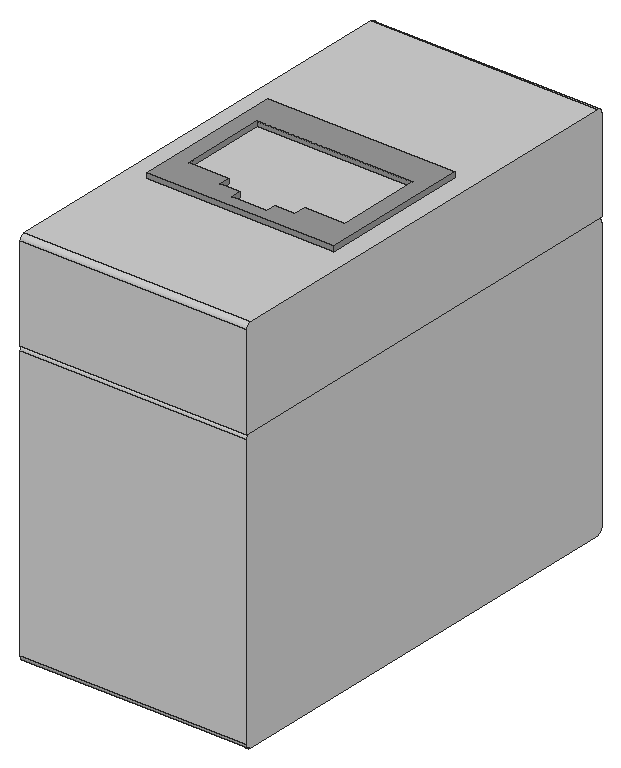
Revit family "Domotics-DomesticRanges-GEWISS-CHORUS_DATA-SOCKET-OUTLET_RJ45", category Apparecchi elettrici, host Superficie, Revit 2016
Family settings
  Host = Superficie
  Mantenere orientamento annotazione = Sì
  Tipo di parte = Normale
  Quota connettore circolare = Usa diametro
  Numero OmniClass = 23.80.50.14
  Titolo OmniClass = Plug Connectors
  Taglio con vuoti quando caricato = Sì
  Condiviso = Sì
  Punto di calcolo locali = Sì
Parameters (values of type "GW14424 - CONNECTOR RJ45 1M CAT.6 FTP CHORUS T")
  Vista di pianta [instance] = yes
  Version file RFA = "19.0"
  Use category = ""
  URL = "https://www.gewiss.com/ww/en"
  Tipo = SYSTEM PRESE RJ45_BASE : RJ45 Titanio
  Technical sheet = "https://www.gewiss.com/ww/en/search?q=GW14424"
  Standard; = ""
  Simbolo = SIMBOLO PRESE TELEFONO : PRESA TEL
  SIMBOLO [instance] = yes
  SEO = ""
  Realized by GEWISS S.p.A. = ""
  Produttore = "GEWISS S.p.A."
  Number pairs = ""
  No. pairs = ""
  No. SYSTEM modules = ""
  No. Chorus modules: = ""
  Modello = "GW14424"
  Larghezza presa = 23 mm
  IFC.TypeObject = ""
  IFC.ExportType = ""
  IFC.ExportAs = ""
  IDT = "e3484578-d4ee-4f41-a417-bd6924481e09"
  IDF = "1a8bcbcc-4c0f-486d-ade8-be7f6039fe1c"
  GW - Testo elettrico = "RJ45"
  Offset pulsante [instance] = 0 mm
  Offset bidimensionale [instance] = 2 mm
  Electrocod = "0131                "
  EAN code = "8011564267305"
  Distanza_x [instance] = 0 mm
  Distanza effettiva_x [instance] = 1500 mm - Distanza_x  # 1500 mm
  Default Elevation = 1219.2 mm
  Immagine tipo = GW14421.jpg
  Descrizione = "CONNECTOR RJ45 1M CAT.6 FTP CHORUS T"
  Description: = ""
  Description. = ""
  Connection = ""
  Colour = ""
  Category = ""
  Catalogue Range = "CHORUS - DOMESTIC RANGE"
  Catalogue = "DOMOTICS"
  Cables = ""
  COBie.Tagnumber = ""
  COBie.CreatedOn = ""
  COBie.CreatebBy = ""
  COBie.ComponentRegisterItemID = ""
  COBie.Component.TagNumber = ""
  COBie.Component.Space = ""
  COBie.Component.SerialNumber = ""
  COBie.Component.InstallationDate = ""
  COBie.Component.Description = ""
  COBie.Component.BarCode = ""
Types (12, lengths in mm): name | Use category | Tipo | Technical sheet | Standard; | SEO | Number pairs | No. pairs | No. SYSTEM modules | No. Chorus modules: | Modello | IDT | Electrocod | EAN code | Immagine tipo | Descrizione | Description: | Description. | Connection | Colour | Category | Cables
  GW10422 - CONNECTOR RJ45 1M CAT.5E FTP CHORUS W | "5e" | SYSTEM PRESE RJ45_BASE : RJ45 Bianco | "https://www.gewiss.com/ww/en/search?q=GW10422" | "EN 60603-7-3" | "Socket outlet" | "4" | "4" | "1" | "1" | "GW10422" | "cd8f8bc8-4b07-465b-b9a2-674a09890043" | "3722" | "8011564257689" | GW10421.jpg | "CONNECTOR RJ45 1M CAT.5E FTP CHORUS W" | "RJ45" | "Data socket" | "Toolless" | "White" | "Data socket" | "FTP"
  GW10421 - CONNECTOR RJ45 1M CAT.5E UTP CHORUS W | "5e" | SYSTEM PRESE RJ45_BASE : RJ45 Bianco | "https://www.gewiss.com/ww/en/search?q=GW10421" | "EN 60603-7-2" | "Socket outlet" | "4" | "4" | "1" | "1" | "GW10421" | "10c44924-2ecf-4206-a6d6-c379d851391a" | "3722" | "8011564257672" | GW10421.jpg | "CONNECTOR RJ45 1M CAT.5E UTP CHORUS W" | "RJ45" | "Data socket" | "Toolless" | "White" | "Data socket" | "UTP"
  GW10423 - CONNECTOR RJ45 1M CAT.6 UTP CHORUS W | "6" | SYSTEM PRESE RJ45_BASE : RJ45 Bianco | "https://www.gewiss.com/ww/en/search?q=GW10423" | "EN 60603-7-4" | "Socket outlet" | "4" | "4" | "1" | "1" | "GW10423" | "58e86214-f42f-4d76-a022-1e8b5b17ae95" | "3722" | "8011564257696" | GW10421.jpg | "CONNECTOR RJ45 1M CAT.6 UTP CHORUS W" | "RJ45" | "Data socket" | "Toolless" | "White" | "Data socket" | "UTP"
  GW10424 - CONNECTOR RJ45 1M CAT.6 FTP CHORUS W | "6" | SYSTEM PRESE RJ45_BASE : RJ45 Bianco | "https://www.gewiss.com/ww/en/search?q=GW10424" | "EN 60603-7-5" | "Socket outlet" | "4" | "4" | "1" | "1" | "GW10424" | "ae727b2f-f41d-4dab-a40e-a95ea8fd0a00" | "3722" | "8011564257702" | GW10421.jpg | "CONNECTOR RJ45 1M CAT.6 FTP CHORUS W" | "RJ45" | "Data socket" | "Toolless" | "White" | "Data socket" | "FTP"
  GW12421 - CONNECTOR RJ45 1M CAT.5E UTP CHORUS B | "" | SYSTEM PRESE RJ45_BASE : RJ45 Nero | "https://www.gewiss.com/ww/en/search?q=GW12421" | "" | "" | "" | "" | "" | "" | "GW12421" | "bb2319e2-3359-419b-b94b-c42ce3eccf7f" | "0131                " | "8011564269101" | GW12421.jpg | "CONNECTOR RJ45 1M CAT.5E UTP CHORUS B" | "" | "" | "" | "" | "" | ""
  GW12422 - CONNECTOR RJ45 1M CAT.5E FTP CHORUS B | "" | SYSTEM PRESE RJ45_BASE : RJ45 Nero | "https://www.gewiss.com/ww/en/search?q=GW12422" | "" | "" | "" | "" | "" | "" | "GW12422" | "5a0d31ca-2349-47fb-92de-855d68f8d202" | "0130                " | "8011564269118" | GW12421.jpg | "CONNECTOR RJ45 1M CAT.5E FTP CHORUS B" | "" | "" | "" | "" | "" | ""
  GW12423 - CONNECTOR RJ45 1M CAT.6 UTP CHORUS B | "" | SYSTEM PRESE RJ45_BASE : RJ45 Nero | "https://www.gewiss.com/ww/en/search?q=GW12423" | "" | "" | "" | "" | "" | "" | "GW12423" | "d4d68876-396b-4fc5-a632-453d98033b29" | "0130                " | "8011564269125" | GW12421.jpg | "CONNECTOR RJ45 1M CAT.6 UTP CHORUS B" | "" | "" | "" | "" | "" | ""
  GW12424 - CONNECTOR RJ45 1M CAT.6 FTP CHORUS B | "" | SYSTEM PRESE RJ45_BASE : RJ45 Nero | "https://www.gewiss.com/ww/en/search?q=GW12424" | "" | "" | "" | "" | "" | "" | "GW12424" | "390dde02-7138-4f6b-9f66-a69e6f4ff73d" | "0131                " | "8011564269132" | GW12421.jpg | "CONNECTOR RJ45 1M CAT.6 FTP CHORUS B" | "" | "" | "" | "" | "" | ""
  GW14421 - CONNECTOR RJ45 1M CAT.5E UTP CHORUS T | "" | SYSTEM PRESE RJ45_BASE : RJ45 Titanio | "https://www.gewiss.com/ww/en/search?q=GW14421" | "" | "" | "" | "" | "" | "" | "GW14421" | "807ae1cf-83fc-445a-90e6-bc44aac7d063" | "0131                " | "8011564267268" | GW14421.jpg | "CONNECTOR RJ45 1M CAT.5E UTP CHORUS T" | "" | "" | "" | "" | "" | ""
  GW14422 - CONNECTOR RJ45 1M CAT.5E FTP CHORUS T | "" | SYSTEM PRESE RJ45_BASE : RJ45 Titanio | "https://www.gewiss.com/ww/en/search?q=GW14422" | "" | "" | "" | "" | "" | "" | "GW14422" | "a4f71015-1419-40da-9456-c3df1eb87e64" | "0131                " | "8011564267275" | GW14421.jpg | "CONNECTOR RJ45 1M CAT.5E FTP CHORUS T" | "" | "" | "" | "" | "" | ""
  GW14423 - CONNECTOR RJ45 1M CAT.6 UTP CHORUS T | "" | SYSTEM PRESE RJ45_BASE : RJ45 Titanio | "https://www.gewiss.com/ww/en/search?q=GW14423" | "" | "" | "" | "" | "" | "" | "GW14423" | "1846dc56-f8cc-4d93-b430-18af33814d84" | "0131                " | "8011564267299" | GW14421.jpg | "CONNECTOR RJ45 1M CAT.6 UTP CHORUS T" | "" | "" | "" | "" | "" | ""
  GW14424 - CONNECTOR RJ45 1M CAT.6 FTP CHORUS T | "" | SYSTEM PRESE RJ45_BASE : RJ45 Titanio | "https://www.gewiss.com/ww/en/search?q=GW14424" | "" | "" | "" | "" | "" | "" | "GW14424" | "e3484578-d4ee-4f41-a417-bd6924481e09" | "0131                " | "8011564267305" | GW14421.jpg | "CONNECTOR RJ45 1M CAT.6 FTP CHORUS T" | "" | "" | "" | "" | "" | ""
Reference planes
  plane 1 "Centro (Fronte/Retro)": y = 0
  plane 2: z = 0
  plane 3 "Centro (Sinistra/Destra)": x = 0
  plane 4: z = 0
  plane 5 "piano bidimensionale": z = 41
  plane 6: x = 0
  plane 7: x = -11.5
  plane 8: x = 11.5
  plane 9: z = 39
  plane 10: x = -1500
Lines and regions (mm)
  Masking region 1, visible <- "Vista di pianta"
    outline origin (0, 0, -36.25) x (1, 0, 0) y (0, 0, 1)
      loop
        line (-11.5, 36.25) -> (11.5, 36.25) -> (11.5, 75.25) -> (-11.5, 75.25) -> (-11.5, 36.25)
  Masking region 2
    outline origin (0, 0, 0) x (1, 0, 0) y (0, 0, 1)
      loop
        line (-11.5, 39) -> (-11.5, 0) -> (11.5, 0) -> (11.5, 39) -> (-11.5, 39)
  model lines, style "pulsanti", detail levels coarse
    curve 1: line (-11.5, -22.5, 41) -> (-11.5, 22.5, 41)
    curve 2: line (11.5, -22.5, 41) -> (-11.5, -22.5, 41)
    curve 3: line (11.5, 22.5, 41) -> (11.5, -22.5, 41)
    curve 7: line (-9.5, 6.453, 41) -> (-9.5, -8.959, 41)
    curve 8: line (9.5, -8.959, 41) -> (9.5, 6.453, 41)
    curve 9: line (7.931, 3.086, 41) -> (7.931, -5.598, 41)
    curve 10: line (7.931, -5.598, 41) -> (3.825, -5.598, 41)
    curve 11: line (3.825, -5.598, 41) -> (3.825, -6.811, 41)
    curve 12: line (3.825, -6.811, 41) -> (1.773, -6.811, 41)
    curve 13: line (1.773, -6.811, 41) -> (1.773, -7.811, 41)
    curve 14: line (1.773, -7.811, 41) -> (-1.773, -7.811, 41)
    curve 15: line (-1.773, -7.811, 41) -> (-1.773, -6.811, 41)
    curve 16: line (-1.773, -6.811, 41) -> (-3.825, -6.811, 41)
    curve 17: line (-3.825, -6.811, 41) -> (-3.825, -5.598, 41)
    curve 18: line (-3.825, -5.598, 41) -> (-7.931, -5.598, 41)
    curve 19: line (-7.931, -5.598, 41) -> (-7.931, 3.086, 41)
    curve 20: line (-7.931, 3.086, 41) -> (7.931, 3.086, 41)
  model lines, style "pulsanti", not visible, detail levels coarse
    curve 4: line (-11.5, -22.5, 41) -> (-11.5, 22.5, 41)
    curve 5: line (11.5, -22.5, 41) -> (-11.5, -22.5, 41)
    curve 6: line (11.5, 22.5, 41) -> (11.5, -22.5, 41)
    curve 21: line (-9.5, 6.453, 41) -> (-9.5, -8.959, 41)
    curve 22: line (9.5, -8.959, 41) -> (9.5, 6.453, 41)
    curve 23: line (7.931, 3.086, 41) -> (7.931, -5.598, 41)
    curve 24: line (7.931, -5.598, 41) -> (3.825, -5.598, 41)
    curve 25: line (3.825, -5.598, 41) -> (3.825, -6.811, 41)
    curve 26: line (3.825, -6.811, 41) -> (1.773, -6.811, 41)
    curve 27: line (1.773, -6.811, 41) -> (1.773, -7.811, 41)
    curve 28: line (1.773, -7.811, 41) -> (-1.773, -7.811, 41)
    curve 29: line (-1.773, -7.811, 41) -> (-1.773, -6.811, 41)
    curve 30: line (-1.773, -6.811, 41) -> (-3.825, -6.811, 41)
    curve 31: line (-3.825, -6.811, 41) -> (-3.825, -5.598, 41)
    curve 32: line (-3.825, -5.598, 41) -> (-7.931, -5.598, 41)
    curve 33: line (-7.931, -5.598, 41) -> (-7.931, 3.086, 41)
    curve 34: line (-7.931, 3.086, 41) -> (7.931, 3.086, 41)
Dimensions and locks
  "Offset pulsante": plane 4 to host face
  equal spacing: plane 7, plane 3 "Centro (Sinistra/Destra)", plane 8
  "Larghezza presa": plane 7 to plane 8
  locked: plane 9 to plane 4 at 39
  "Offset bidimensionale": plane 5 "piano bidimensionale" to plane 9
  "Distanza effettiva_x": plane 10 to plane 6
  plane 10 to plane 3 "Centro (Sinistra/Destra)" = 1500 mm
  aligned and locked: plane 2 to host face
  aligned and locked: level to host face
  aligned and locked: plane 6 to nested 2
  aligned and locked: plane 7 to nested 1
  aligned and locked: plane 8 to nested 1
  aligned and locked: Masking region 1 sketch curve to nested 1  (x2)
  aligned and locked: Masking region 2 sketch curve to plane 9
  aligned and locked: Masking region 2 sketch curve to plane 7
  aligned and locked: Masking region 2 sketch curve to plane 8
  aligned and locked: Masking region 2 sketch curve to plane 4
Automatic sketch dimensions
  curve 1 to curve 7 = 2 mm
  curve 18 to curve 7 = 3.361 mm
  curve 18 to curve 17 = 1.213 mm
  curve 10 to curve 11 = 1.213 mm
  curve 16 to curve 14 = 1 mm
  curve 19 to curve 17 = 4.105 mm
  curve 17 to curve 15 = 2.053 mm
  curve 15 to curve 13 = 3.545 mm
  curve 13 to curve 12 = 2.053 mm
  curve 4 to curve 21 = 2 mm
  curve 32 to curve 21 = 3.361 mm
  curve 32 to curve 31 = 1.213 mm
  curve 24 to curve 25 = 1.213 mm
  curve 30 to curve 28 = 1 mm
  curve 33 to curve 31 = 4.105 mm
  curve 31 to curve 29 = 2.053 mm
  curve 29 to curve 27 = 3.545 mm
  curve 27 to curve 26 = 2.053 mm
  curve 10 to curve 10 = 4.105 mm
  curve 1 to curve 3 = 0 mm
  curve 3 to curve 8 = 16.047 mm
  curve 1 to curve 7 = 16.047 mm
  curve 7 to curve 19 = 3.367 mm
  curve 19 to curve 17 = 8.685 mm
  curve 7 to curve 20 = 1.569 mm
  curve 9 to curve 13 = 2.213 mm
  curve 9 to curve 8 = 3.361 mm
  curve 7 to curve 2 = 13.541 mm
  curve 9 to curve 8 = 1.569 mm
  curve 8 to curve 2 = 2 mm
  curve 24 to curve 24 = 4.105 mm
  curve 4 to curve 6 = 0 mm
  curve 6 to curve 22 = 16.047 mm
  curve 4 to curve 21 = 16.047 mm
  curve 21 to curve 33 = 3.367 mm
  curve 33 to curve 31 = 8.685 mm
  curve 21 to curve 34 = 1.569 mm
  curve 23 to curve 27 = 2.213 mm
  curve 23 to curve 22 = 3.361 mm
  curve 21 to curve 5 = 13.541 mm
  curve 23 to curve 22 = 1.569 mm
  curve 22 to curve 5 = 2 mm
  host sketch curve to host sketch curve = 2438.4 mm  (x2)
  Masking region 1 sketch curve to level = 0 mm
  Masking region 1 sketch curve to plane 9 = 0 mm
Nested families
  nested 1: "SYSTEM PRESE RJ45_BASE" at (0, 0.178, 0), type <- "Tipo", type "RJ45 Titanio"
  nested 2: "SIMBOLO PRESE TELEFONO" at (0, 21.791, 0), TESTO ELETTRICO <- "GW - Testo elettrico", SIMBOLO <- "SIMBOLO", type <- "Simbolo", type "PRESA TEL"
    with TESTO ELETTRICO "RJ45", SIMBOLO yes, Distanza dal muro 0.5 mm, BORDO ACCESO yes
Connectors
  electrical at (0, 0.178, 0)
    settings: on nested 1, index 1, voltage 0 V, apparent load 0 VA, apparent load phase1 0 VA, apparent load phase2 0 VA, apparent load phase3 0 VA, power factor 1, load classification "Other", number of poles 1, system type 31, power factor state 1, is connector primary yes, connector utility no, sub classification motor no, connector description ""
Definition of nested family "SYSTEM PRESE RJ45_BASE"
  Parameters (values of type "RJ45 Titanio")
    Elemento superiore = none
    Elemento acciaio = none
    Supporto = none
    Struttura = none
    Pulsante = none
    Profondità suporto = 15.673 mm
    Larghezza pulsante = 23 mm  # constant formula
    Bidimensionale = 36.414 mm
    Altezza pulsante = 45 mm
  Types (7): name
    RJ45 Nero
    RJ45 Titanio
    RJ45 Bianco
    GW20686 - Bianco - 6 FTP
    GW20685 - Bianco - 6 UTP
    GW20271 - Bianco - 5E UTP
    GW20243 - Bianco - 5E FTP
  Reference planes
    plane 1 "Centro (Fronte/Retro)": y = 0
    plane 2: z = 0
    plane 3 "Centro (Sinistra/Destra)": x = 0
    plane 4: y = -22.5
    plane 5: y = 22.5
    plane 6: x = -11.5
    plane 7: x = 11.5
    plane 8 "PIANO BIDIMENSIONALE": z = 36.414
    plane 9: x = -9.5
    plane 10: x = 9.5
    plane 11: z = 38.727
  Forms (mm)
    Extrusion 1, solid, material <- "Struttura", detail levels medium+fine
      sketch origin (0, 0, 0) x (0, 1, 0) y (0, 0, 1)
        loop
          line (22.5, 0.5) -> (22.5, 28.227)
          arc (22.5, 28.227) -> (22.354, 28.581) -> (22, 28.727) r 0.5
          line (22, 28.727) -> (-22, 28.727)
          arc (-22, 28.727) -> (-22.354, 28.581) -> (-22.5, 28.227) r 0.5
          line (-22.5, 28.227) -> (-22.5, 0.5)
          arc (-22.5, 0.5) -> (-22.354, 0.146) -> (-22, 0) r 0.5
          line (-22, 0) -> (22, 0)
          arc (22, 0) -> (22.354, 0.146) -> (22.5, 0.5) r 0.5
      from -11.5 to 11.5
    Extrusion 2, solid, material <- "Pulsante", detail levels medium+fine
      sketch origin (0, 0, 0.006) x (0, 1, 0) y (0, 0, 1)
        loop
          line (-22.5, 38.221) -> (-22.5, 28.721) -> (22.5, 28.721) -> (22.5, 38.221)
          arc (22.5, 38.221) -> (22.354, 38.575) -> (22, 38.721) r 0.5
          line (22, 38.721) -> (-22, 38.721)
          arc (-22, 38.721) -> (-22.354, 38.575) -> (-22.5, 38.221) r 0.5
      from -11.5 to 11.5
    Extrusion 3, solid, material <- "Elemento acciaio", detail levels medium+fine
      sketch origin (0, 0, 36.414) x (-1, 0, 0) y (0, -1, 0)
        loop
          line (9.5, -6.453) -> (9.5, 8.959) -> (-9.5, 8.959) -> (-9.5, -6.453) -> (9.5, -6.453)
        loop
          line (1.773, 6.811) -> (1.773, 7.811) -> (-1.773, 7.811) -> (-1.773, 6.811) -> (-3.825, 6.811) -> (-3.825, 5.598) -> (-7.931, 5.598) -> (-7.931, -3.086) -> (7.931, -3.086) -> (7.931, 5.598) -> (3.825, 5.598) -> (3.825, 6.811) -> (1.773, 6.811)
      from 1.539 to 2.792
  Lines and regions (mm)
    Masking region 1
      outline origin (0, 0, 36.414) x (-1, 0, 0) y (0, -1, 0)
        loop
          line (11.5, -22.5) -> (11.5, 22.5) -> (-11.5, 22.5) -> (-11.5, -22.5) -> (11.5, -22.5)
        loop
          line (9.5, -6.453) -> (9.5, 8.959) -> (-9.5, 8.959) -> (-9.5, -6.453) -> (9.5, -6.453)
        loop
          line (3.825, 5.598) -> (3.825, 6.811) -> (1.773, 6.811) -> (1.773, 7.811) -> (-1.773, 7.811) -> (-1.773, 6.811) -> (-3.825, 6.811) -> (-3.825, 5.598) -> (-7.931, 5.598) -> (-7.931, -3.086) -> (7.931, -3.086) -> (7.931, 5.598) -> (3.825, 5.598)
    Masking region 2
      outline origin (0, 0, 36.414) x (-1, 0, 0) y (0, -1, 0)
        loop
          line (9.5, 8.959) -> (-9.5, 8.959) -> (-9.5, -6.453) -> (9.5, -6.453) -> (9.5, 8.959)
        loop
          line (7.931, 5.598) -> (3.825, 5.598) -> (3.825, 6.811) -> (1.773, 6.811) -> (1.773, 7.811) -> (-1.773, 7.811) -> (-1.773, 6.811) -> (-3.825, 6.811) -> (-3.825, 5.598) -> (-7.931, 5.598) -> (-7.931, -3.086) -> (7.931, -3.086) -> (7.931, 5.598)
  Dimensions and locks
    equal spacing: plane 4, plane 1 "Centro (Fronte/Retro)", plane 5
    plane 4 to plane 5 = 45 mm
    equal spacing: plane 6, plane 3 "Centro (Sinistra/Destra)", plane 7
    "Larghezza pulsante": plane 6 to plane 7
    equal spacing: plane 5, plane 1 "Centro (Fronte/Retro)", plane 4
    "Altezza pulsante": plane 5 to plane 4
    "Bidimensionale": plane 8 "PIANO BIDIMENSIONALE" to level
    equal spacing: plane 9, plane 3 "Centro (Sinistra/Destra)", plane 10
    plane 6 to plane 9 = 2 mm
    plane 10 to plane 7 = 2 mm
    plane 1 "Centro (Fronte/Retro)" to Extrusion 3 = 6.453 mm
    aligned and locked: level to plane 2
    aligned and locked: Extrusion 2 to Extrusion 1
    aligned and locked: Extrusion 1 to Extrusion 2
    aligned and locked: Extrusion 2 to plane 6
    aligned and locked: plane 7 to Extrusion 2
    aligned and locked: Masking region 1 sketch curve to Extrusion 1  (x4)
  Automatic sketch dimensions
    Extrusion 3 sketch curve to plane 10 = 0 mm
    Extrusion 3 sketch curve to plane 9 = 0 mm
    Extrusion 3 sketch curve to plane 10 = 1.569 mm
    plane 3 "Centro (Sinistra/Destra)" to Extrusion 3 sketch curve = 3.825 mm
    plane 3 "Centro (Sinistra/Destra)" to Extrusion 3 sketch curve = 1.773 mm
    Extrusion 3 sketch curve to plane 3 "Centro (Sinistra/Destra)" = 1.773 mm
    Extrusion 3 sketch curve to Extrusion 3 sketch curve = 2.053 mm
    plane 9 to Extrusion 3 sketch curve = 1.569 mm
    Extrusion 3 sketch curve to plane 1 "Centro (Fronte/Retro)" = 6.453 mm
    Extrusion 3 sketch curve to plane 1 "Centro (Fronte/Retro)" = 3.086 mm
    plane 1 "Centro (Fronte/Retro)" to Extrusion 3 sketch curve = 5.598 mm  (x2)
    Extrusion 3 sketch curve to Extrusion 3 sketch curve = 1.213 mm  (x2)
    Extrusion 3 sketch curve to Extrusion 3 sketch curve = 3.361 mm
    Extrusion 3 sketch curve to Extrusion 3 sketch curve = 1 mm
    Masking region 1 sketch curve to plane 10 = 0 mm
    Masking region 1 sketch curve to plane 9 = 0 mm
    Masking region 1 sketch curve to plane 1 "Centro (Fronte/Retro)" = 6.453 mm
    plane 1 "Centro (Fronte/Retro)" to Masking region 1 sketch curve = 8.959 mm
    Masking region 1 sketch curve to plane 10 = 1.569 mm
    plane 3 "Centro (Sinistra/Destra)" to Masking region 1 sketch curve = 3.825 mm
    plane 3 "Centro (Sinistra/Destra)" to Masking region 1 sketch curve = 1.773 mm
    Masking region 1 sketch curve to plane 3 "Centro (Sinistra/Destra)" = 1.773 mm
    Masking region 1 sketch curve to Masking region 1 sketch curve = 2.053 mm
    plane 9 to Masking region 1 sketch curve = 1.569 mm
    Masking region 1 sketch curve to plane 1 "Centro (Fronte/Retro)" = 3.086 mm
    plane 1 "Centro (Fronte/Retro)" to Masking region 1 sketch curve = 5.598 mm  (x2)
    Masking region 1 sketch curve to Masking region 1 sketch curve = 1.213 mm  (x2)
    Masking region 1 sketch curve to Masking region 1 sketch curve = 1 mm
    Masking region 2 sketch curve to plane 10 = 0 mm
    Masking region 2 sketch curve to plane 9 = 0 mm
    Masking region 2 sketch curve to plane 1 "Centro (Fronte/Retro)" = 6.453 mm
    plane 1 "Centro (Fronte/Retro)" to Masking region 2 sketch curve = 8.959 mm
    Masking region 2 sketch curve to plane 10 = 1.569 mm
    plane 3 "Centro (Sinistra/Destra)" to Masking region 2 sketch curve = 3.825 mm
    plane 3 "Centro (Sinistra/Destra)" to Masking region 2 sketch curve = 1.773 mm
    Masking region 2 sketch curve to plane 3 "Centro (Sinistra/Destra)" = 1.773 mm
    Masking region 2 sketch curve to Masking region 2 sketch curve = 2.053 mm
    plane 9 to Masking region 2 sketch curve = 1.569 mm
    Masking region 2 sketch curve to plane 1 "Centro (Fronte/Retro)" = 3.086 mm
    Masking region 2 sketch curve to Masking region 2 sketch curve = 3.361 mm  (x2)
    Masking region 2 sketch curve to Masking region 2 sketch curve = 1.213 mm  (x2)
    Masking region 2 sketch curve to Masking region 2 sketch curve = 1 mm
    Extrusion 1 sketch curve to plane 4 = 0 mm
    Extrusion 1 sketch curve to level = 0 mm
    Extrusion 1 sketch curve to plane 5 = 0 mm
    level to Extrusion 1 sketch curve = 0.5 mm
    plane 4 to Extrusion 1 sketch curve = 0.5 mm
    Extrusion 1 sketch curve to Extrusion 1 sketch curve = 0.5 mm  (x2)
    Extrusion 1 sketch curve to plane 8 "PIANO BIDIMENSIONALE" = 8.187 mm
    Extrusion 2 sketch curve to plane 4 = 0 mm
    Extrusion 2 sketch curve to plane 5 = 0 mm
    Extrusion 2 sketch curve to Extrusion 2 sketch curve = 0.5 mm  (x2)
    Extrusion 2 sketch curve to plane 8 "PIANO BIDIMENSIONALE" = 7.687 mm
    plane 8 "PIANO BIDIMENSIONALE" to Extrusion 2 sketch curve = 1.813 mm
Definition of nested family "SIMBOLO PRESE TELEFONO"
  Parameters (values of type "PRESA TEL")
    TESTO ELETTRICO [instance] = "TXT"
    Simbolo = SIMBOLO PRESE TELEFONO_BASE : PRESA
    SIMBOLO [instance] = yes
    Distanza dal muro [instance] = 0.5 mm
    BORDO ACCESO [instance] = yes
  Reference planes
    plane 1: y = 0
    plane 2: x = 0
  Dimensions and locks
    "Distanza dal muro": plane 1 to nested 1
    aligned and locked: plane 2 to nested 1
  Nested families
    nested 1: "SIMBOLO PRESE TELEFONO_BASE" at (0, 0.5, 0), BORDO ACCESO <- "BORDO ACCESO", type <- "Simbolo", visible <- "SIMBOLO", type "PRESA"
      with TESTO ELETTRICO "RJ45", BORDO ACCESO yes
  Definition of nested family "SIMBOLO PRESE TELEFONO_BASE"
    Parameters (values of type "PRESA")
      TESTO ELETTRICO [instance] = "TXT"
      Distanza dal muro = 4.208 mm
      BORDO ACCESO [instance] = yes
    Reference planes
      plane 1: y = 0
      plane 2: x = 0
    Lines and regions (mm)
      detail lines, visible <- "BORDO ACCESO", not visible
        curve 1: line (-1.743, 9.208, 0) -> (2.057, 9.208, 0)
        curve 2: line (2.057, 9.208, 0) -> (2.057, 4.208, 0)
        curve 3: line (2.057, 4.208, 0) -> (-1.743, 4.208, 0)
        curve 4: line (-1.743, 4.208, 0) -> (-1.743, 9.208, 0)
        curve 5: line (-1.543, 9.008, 0) -> (1.857, 9.008, 0)
        curve 6: line (1.857, 9.008, 0) -> (1.857, 4.408, 0)
        curve 7: line (1.857, 4.408, 0) -> (-1.543, 4.408, 0)
        curve 8: line (-1.543, 4.408, 0) -> (-1.543, 9.008, 0)
      detail lines
        curve 9: line (0.851, 1.172, 0) -> (-0.851, 1.172, 0)
        curve 10: line (0, 1.172, 0) -> (0, 0.32, 0)
        curve 11: line (-0.851, 2.023, 0) -> (-0.851, 1.172, 0)
        curve 12: line (0.851, 2.023, 0) -> (0.851, 1.172, 0)
    Text (mm)
      label "TXT" at (0.016, 1.658, 0), shows "TESTO ELETTRICO"
